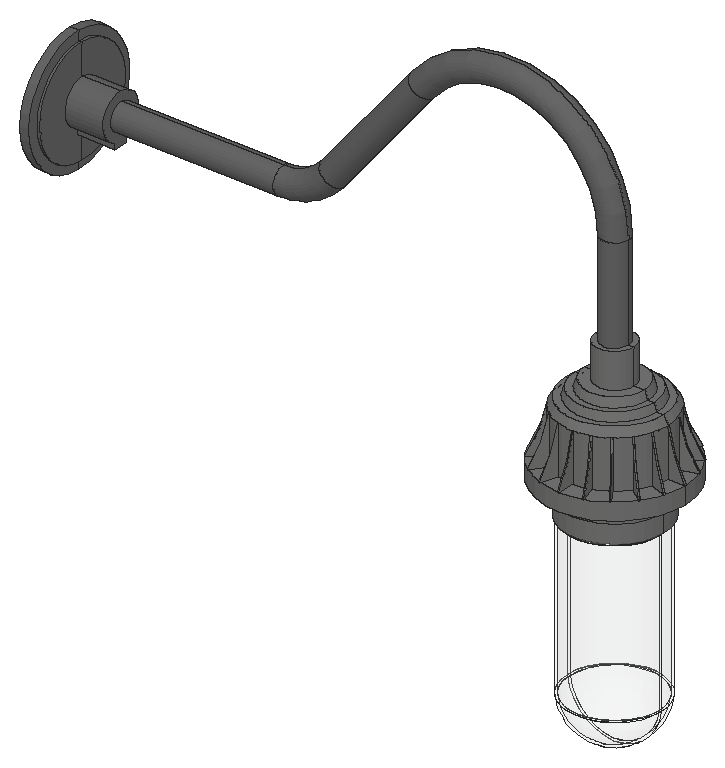
Revit family "Vaportite Pendant (VTP)LED", category Lighting Fixtures, Revit 2020
Family settings
  Round Connector Dimension = Use Diameter
  Part Type = Normal
  OmniClass Number = 23.80.70.00
  OmniClass Title = Lighting
  Work Plane-Based = No
  Always vertical = Yes
  Cut with Voids When Loaded = No
  Light Source = Yes
  Shared = No
  Room Calculation Point = No
Parameters (values of type "VTP200GL")
  b = 0' - 2"
  a = 1' - 0"
  Weight = "5.0 lb"
  Wattage Comments = "12 W"
  Wattage = 5.04908 W
  Warranty = "5 year limited warranty"  # constant formula
  built-in parameter 1150110 = 1 (stored number, unit not read)
  Voltage = 120 V
  VTP200GL = yes
  URL = "https://www.anplighting.com/assets/Uploads/product-attachments/specification-sheets/ANP-Specification-Sheet-RLM-LED-VTP200GL.pdf"
  built-in parameter 1114217 = 1 (stored number, unit not read)
  Tilt Angle = 90.00°
  built-in parameter 1150109 = 1 (stored number, unit not read)
  built-in parameter 1150134 = 12
  built-in parameter 1150113 = 1 (stored number, unit not read)
  Photometric Web File = "VTP200GLCL-M021LDNW40K.IES"
  Mounting Option [instance] = 3
  Power Factor = 1
  Post Mount [instance] = Mounting Option = 5  # no
  Placement X axis side [instance] = if(Post Mount, 2' 2 15/32", if(Cord or Stem Mount, 0' 0", if(E36 20 inch, 1' 8 1/4", if(E 6 26 inch, 2' 2", if(E7 41 inch, 3' 5 1/4", 0' 1")))))  # 1' - 8 1/4"
  Model = "VTP200GL"
  Manufacturer = "ANP Lighting"  # constant formula
  built-in parameter 1150105 = 59.666 (stored number, unit not read)
  Lumens = 750 lm
  built-in parameter 1150115 = 1 (stored number, unit not read)
  Load Classification = Lighting
  Light Source Height [instance] = 0' - 0"
  built-in parameter 1150137 = (empty or 0)
  built-in parameter 1150139 = (empty or 0)
  Light Elevation _2 [instance] = if(Post Mount, 0' 0.66142", if(E7 41 inch, 0' 0.66142", if(E36 20 inch, 0' 1.65748", if(E 6 26 inch, 0' 1.53543", if(Cord or Stem Mount, (0' 4.3622" + Cord Length), 0' 0")))))  # 0' - 1.65748"
  Light Elevation _1 [instance] = if(Post Mount, 0' 0", if(E7 41 inch, 0' 0", if(E36 20 inch, 0' 1", if(E 6 26 inch, 0' 0.87402", if(Cord or Stem Mount, (0' 3.66142" + Cord Length), 0' 0")))))  # 0' - 1"
  Light Elevation [instance] = if(Post Mount, 14' 0.5315", if(E7 41 inch, 0' 0", 0' 0"))  # 0' - 0"
  Life = "L70 50,000 hours"  # constant formula
  built-in parameter 1150112 = 1 (stored number, unit not read)
  built-in parameter 1150114 = 1 (stored number, unit not read)
  Lamp = "LED"
  built-in parameter 1150132 = 2
  built-in parameter 1150102 = (empty or 0)
  built-in parameter 1150107 = 4000 (stored number, unit not read)
  built-in parameter 1150138 = (empty or 0)
  built-in parameter 1150106 = 0.59666 (stored number, unit not read)
  HUB = Texture Black
  Fixture Height = 1' - 1 3/8"
  Fixture Diameter = 0' - 5 1/4"
  Efficiency = "65-125 lumens per watt"  # constant formula
  built-in parameter 1150104 = 13.8 (stored number, unit not read)
  E7 41 inch [instance] = Mounting Option = 4  # no
  E36 20 inch [instance] = Mounting Option = 3  # yes
  E 6 26 inch [instance] = Mounting Option = 2  # no
  Dimming Lamp Color Temperature Shift = <None>
  Dimming = "1%"  # constant formula
  Description = "120-277 Voltage"  # constant formula
  Default Elevation = 0' - 0"
  Cord or Stem Mount [instance] = Mounting Option = 1  # no
  Cord Length option [instance] = 0
  Cord Length [instance] = if([2' Cord], 2' 0", if([4' Cord], 4' 0", if([8' Cord], 8' 0", if([10' Cord], 10' 0", if([6' Cord], 6' 0", 6' 0")))))  # 6' - 0"
  Construction Material = "Heavy Duty spun aluminum."  # constant formula
  Color Filter = 16777215
  CRI = ">90"  # constant formula
  Bulb = Bulb
  Body Material = body
  Body Colour = "Spun aluminium"  # constant formula
  built-in parameter 1114218 = 1 (stored number, unit not read)
  BULB = yes
  built-in parameter 1150133 = 10 (stored number, unit not read)
  Apparent Load = 12 VA
  8' Cord [instance] = Cord Length option = 8  # no
  6' Cord [instance] = Cord Length option = 6  # no
  4' Cord [instance] = Cord Length option = 4  # no
  2' Cord [instance] = Cord Length option = 2  # no
  10' Cord [instance] = Cord Length option = 10  # no
Reference planes (in)
  plane 1 "Light Source Axis (F/B)": y = 0
  plane 2: z = 0
  plane 3 "Light Source Axis (L/R)": x = 0
  plane 4 "Light Source Elevation": z = 0
  plane 5: z = 0
  plane 6: x = 20.25
  plane 7 "Bulb Position": z = -1.65748
  plane 8 "Canopy Position": z = -1
  plane 9 "IES": z = -1.65748
  plane 10: z = 164.5315
  plane 11: z = -13
  plane 12: z = -11
  plane 13: z = -8.56887
Dimensions and locks (in)
  "Light Elevation": plane 5 to plane 2
  "Placement X axis side": plane 6 to plane 3 "Light Source Axis (L/R)"
  "Light Elevation _2": plane 5 to plane 7 "Bulb Position"
  "Light Elevation _1": plane 5 to plane 8 "Canopy Position"
  "Light Source Height": plane 7 "Bulb Position" to plane 9 "IES"
  locked: plane 4 "Light Source Elevation" to plane 2
  "a": plane 8 "Canopy Position" to plane 11
  "b": plane 12 to plane 11
  locked: plane 13 to plane 12 at 2.43113
  aligned and locked: level to plane 2
  aligned and locked: plane 1 "Light Source Axis (F/B)" to nested 5
  aligned and locked: nested 5 to plane 2
  aligned and locked: nested 1 to plane 3 "Light Source Axis (L/R)"
  aligned and locked: plane 3 "Light Source Axis (L/R)" to nested 2
  aligned and locked: plane 3 "Light Source Axis (L/R)" to nested 4
  aligned and locked: nested 3 to plane 5
  aligned and locked: plane 3 "Light Source Axis (L/R)" to nested 3
  aligned and locked: plane 1 "Light Source Axis (F/B)" to nested 2
  aligned and locked: plane 1 "Light Source Axis (F/B)" to nested 1
  aligned and locked: plane 1 "Light Source Axis (F/B)" to nested 4
  aligned and locked: plane 1 "Light Source Axis (F/B)" to nested 3
  aligned and locked: plane 2 to nested 1
  aligned and locked: plane 2 to nested 2
  aligned and locked: nested 4 to plane 2
  aligned and locked: plane 6 to imposter light
  aligned and locked: plane 12 to imposter light
  aligned and locked: imposter light to plane 1 "Light Source Axis (F/B)"
  aligned and locked: plane 1 "Light Source Axis (F/B)" to nested 6
  aligned and locked: plane 6 to nested 6
  aligned and locked: plane 8 "Canopy Position" to nested 6
Nested families (in)
  nested 1: "CORD OR STEM MOUNT" at (0, 0, -75.67), visible <- "Cord or Stem Mount", Cord or Stem Mount <- "Cord or Stem Mount", Body Material <- "Body Material", Light Elevation <- "Light Elevation", Cord Length <- "Cord Length", 10' Cord <- "10' Cord", 2' Cord <- "2' Cord", 4' Cord <- "4' Cord", 6' Cord <- "6' Cord", 8' Cord <- "8' Cord", type "CORD OR STEM MOUNT"
    with Light Elevation 0' - 0", Cord or Stem Mount no, Cord Length 6' - 0", Body Material body, 8' Cord no, 6' Cord no, 4' Cord no, 2' Cord no, 10' Cord no
  nested 2: "E6 26 INCH" at (20.25, 0, 0), visible <- "E 6 26 inch", Chain Length <- "Cord Length", E 6 26 inch <- "E 6 26 inch", Placement X axis side <- "Placement X axis side", Body Material <- "Body Material", Light Elevation <- "Light Elevation", type "E6 26 INCH"
    with Placement X axis side 1' - 8 1/4", Light Elevation 0' - 0", E 6 26 inch no, Chain Length 6' - 0", Body Material body
  nested 3: "E7 41 INCH" at (20.25, 0, 0), Chain Length <- "Cord Length", visible <- "E7 41 inch", E7 41 inch <- "E7 41 inch", Placement X axis side <- "Placement X axis side", Body Material <- "Body Material", Light Elevation <- "Light Elevation", type "E7 41 INCH"
    with Placement X axis side 1' - 8 1/4", Light Elevation 0' - 0", E7 41 inch no, Chain Length 6' - 0", Body Material body
  nested 4: "E36 20 INCH" at (20.25, 0, 0), visible <- "E36 20 inch", E36 20 inch <- "E36 20 inch", Placement X axis side <- "Placement X axis side", Chain Length <- "Cord Length", Body Material <- "Body Material", Light Elevation <- "Light Elevation", type "E36 20 INCH"
    with Placement X axis side 1' - 8 1/4", Light Elevation 0' - 0", E36 20 inch yes, Chain Length 6' - 0", Body Material body
  nested 5: "POST MOUNT" at (20.25, 0, 0), visible <- "Post Mount", Post Mount <- "Post Mount", Placement X axis side <- "Placement X axis side", Chain Length <- "Cord Length", Body Material <- "Body Material", Light Elevation <- "Light Elevation", type "POST MOUNT"
    with Post Mount no, Placement X axis side 1' - 8 1/4", Light Elevation 0' - 0", Chain Length 6' - 0", Body Material body
  nested 6: "VTP200GL _1" at (20.25, 0, -1), VTP200GL <- "VTP200GL", visible <- "VTP200GL", GLASS <- "Bulb", HUB <- "HUB", Light Elevation <- "Light Elevation", type "VTP200GL _1"
    with VTP200GL yes, Light Elevation 0' - 0", HUB Texture Black, GLASS Bulb
Definition of nested family "E36 20 INCH"
  Parameters (values of type "E36 20 INCH")
    URL = ""
    Placement X axis side [instance] = 1' - 8 1/4"
    Model = ""
    Manufacturer = ""
    Light Elevation [instance] = 8' - 4"
    E36 20 inch [instance] = yes
    Default Elevation = 0' - 0"
    Chain Length [instance] = 0' - 0"
    Body Material [instance] = none
  Reference planes (in)
    plane 1 "Light Source Axis (F/B)": y = 0
    plane 2: z = 0
    plane 3 "Light Source Axis (L/R)": x = 0
    plane 4 "Light Source Elevation": z = 23.125
    plane 5: z = 99
    plane 6: x = -20.25
    plane 7: z = 100
    plane 8: x = -18.37008
    plane 9: x = -19.79724
  Forms (in)
    Extrusion 1, void, not visible
      sketch origin (0, 0, 2.38154) x (1, 0, 0) y (0, 0, 1)
        loop
          circle (0, 4.59925) r 0.16583
      from 1.18594 to 1.75
    Extrusion 2, void, not visible
      sketch origin (0, 0, 2.38154) x (0.707107, -0.707107, 0) y (0, 0, 1)
        loop
          circle (0, 4.59925) r 0.16583
      from 1.18594 to 1.75
    Extrusion 3, void, not visible
      sketch origin (0, 0, 2.38154) x (0.707107, 0.707107, 0) y (0, 0, 1)
        loop
          circle (0, 4.59925) r 0.16583
      from 1.18594 to 1.75
    Extrusion 4, void, not visible
      sketch origin (0, 0, 2.38154) x (0, 1, 0) y (0, 0, 1)
        loop
          circle (0, 4.59925) r 0.16583
      from 1.18594 to 1.75
    Extrusion 5, void, not visible
      sketch origin (0, 0, 2.38154) x (-0.707107, 0.707107, 0) y (0, 0, 1)
        loop
          circle (0, 4.59925) r 0.16583
      from 1.18594 to 1.75
    Extrusion 6, void, not visible
      sketch origin (0, 0, 2.38154) x (-1, 0, 0) y (0, 0, 1)
        loop
          circle (0, 4.59925) r 0.20678
      from 1.18594 to 1.75
    Extrusion 7, void, not visible
      sketch origin (0, 0, 2.38154) x (-0.707107, -0.707107, 0) y (0, 0, 1)
        loop
          circle (0, 4.59925) r 0.16583
      from 1.18594 to 1.75
    Extrusion 8, void, not visible
      sketch origin (0, 0, 2.38154) x (0, -1, 0) y (0, 0, 1)
        loop
          circle (0, 4.59925) r 0.16583
      from 1.18594 to 1.75
    Sweep 9, solid, material <- "Body Material", visible <- "E36 20 inch"
      path origin (-41.25, 0, 169.51693) x (1, 0, 0) y (0, 0, 1)
        loop
          line (22.88, -69.51693) -> (28.93827, -69.51693)
          arc (28.93827, -69.51693) -> (29.97705, -69.28152) -> (30.81284, -68.62128) r 2.40953
          line (30.81284, -68.62128) -> (34.13807, -64.50378)
          arc (34.13807, -64.50378) -> (38.58272, -63.24548) -> (41.25, -67.01693) r 4
          line (41.25, -67.01693) -> (41.25, -70.51693)
      profile origin (-15.34086, 0, 100) x (0, 0, 1) y (0, -1, 0)
        loop
          circle (0, 0) r 0.5
    Revolve 10, solid, material <- "Body Material", visible <- "E36 20 inch"
      sketch origin (-20.25, 0, 169.51693) x (1, 0, 0) y (0, 0, 1)
        loop
          line (0, -67.20443) -> (0, -69.51693) -> (1.88, -69.51693) -> (1.88, -68.69272) -> (0.4526, -68.69272) -> (0.4526, -67.54122) -> (0.33125, -67.54122) -> (0.33125, -67.20443) -> (0, -67.20443)
        axis (0, -69.51693) -> (1.88, -69.51693)
      angle from 0 to 360
    Extrusion 11, solid, material <- "Body Material", visible <- "E36 20 inch"
      sketch origin (-20.25, 0, 169.51693) x (0, -1, 0) y (0, 0, -1)
        loop
          line (0.25, 69.51693) -> (0.25, 70.51693) -> (-0.25, 70.51693) -> (-0.25, 69.51693) -> (0.25, 69.51693)
      from 1.87992 to 0.45276
  Cuts and joins
    joined: Revolve 10, Extrusion 11
  Dimensions and locks (in)
    "Light Elevation": plane 7 to plane 2
    "Placement X axis side": plane 3 "Light Source Axis (L/R)" to plane 6
    locked: plane 7 to plane 5 at 1
    Revolve 10 sketch curve to Revolve 10 sketch curve to Revolve 10 sketch curve to plane 7 = 0' - 0.33679" locked, 0' - 1.1515" locked, 0' - 0 211/256" locked
    locked: Sweep 9 sketch curve to plane 6 at 1.88
    locked: Sweep 9 sketch curve to Sweep 9 sketch curve at 6.05827
    locked: Sweep 9 sketch curve to Sweep 9 sketch curve at 12.31173
    locked: Sweep 9 sketch curve to Sweep 9 sketch curve at 3.5
    Revolve 10 sketch curve to Revolve 10 sketch curve to Revolve 10 sketch curve to plane 6 = 0' - 1.4274" locked, 0' - 0.12135" locked, 0' - 0.33125" locked
    locked: plane 9 to plane 6 at 0.45276
    locked: plane 8 to plane 9 at 1.42717
    aligned and locked: level to plane 2
    aligned and locked: plane 7 to Revolve 10 sketch curve
    aligned and locked: Revolve 10 sketch curve to plane 7
    aligned and locked: Revolve 10 sketch curve to plane 6
    aligned and locked: cut or joined group of Revolve 10, Extrusion 11 to plane 9
    aligned and locked: plane 8 to cut or joined group of Revolve 10, Extrusion 11
  Automatic sketch dimensions
    Sweep 9 sketch curve to plane 7 = 0' - 0"
    Sweep 9 sketch curve to plane 5 = 0' - 0"
    Sweep 9 sketch curve to Sweep 9 sketch curve = 0' - 4"
    Sweep 9 sketch curve to plane 7 = 0' - 0.89565"
    Sweep 9 sketch curve to Sweep 9 sketch curve = 0' - 3.32523"
    Sweep 9 sketch curve to Sweep 9 sketch curve = 0' - 1.87457"
    profile plane to Sweep 9 sketch curve = 0' - 0"
    Sweep 9 sketch curve to profile plane = 0' - 0"
    plane 6 to Revolve 10 sketch curve = 0' - 0.62562"
    Revolve 10 sketch curve to Revolve 10 sketch curve = 0' - 0 1/2"
    plane 7 to Extrusion 11 sketch curve = 0' - 0"
    Extrusion 11 sketch curve to plane 5 = 0' - 0"
    plane 1 "Light Source Axis (F/B)" to Extrusion 11 sketch curve = 0' - 0 1/4"
    Extrusion 11 sketch curve to plane 1 "Light Source Axis (F/B)" = 0' - 0 1/4"
    radius of Sweep 9 sketch curve = 0' - 0 1/2"
Definition of nested family "VTP200GL _1"
  Parameters (values of type "VTP200GL _1")
    VTP200GL [instance] = yes
    Light Elevation [instance] = 2' - 0"
    HUB [instance] = none
    GLASS [instance] = none
    Default Elevation = 0' - 0"
  Reference planes (in)
    plane 1 "Center (Front/Back)": y = 0
    plane 2: z = 0
    plane 3 "Center (Left/Right)": x = 0
    plane 4: z = 24
  Dimensions and locks (in)
    "Light Elevation": plane 4 to plane 2
    aligned and locked: plane 2 to level
    aligned and locked: plane 3 "Center (Left/Right)" to nested 1
    aligned and locked: plane 1 "Center (Front/Back)" to nested 1
    aligned and locked: plane 4 to nested 1
  Nested families (in)
    nested 1: "VTP100GL" at (0, 0, 10.625), GLASS <- "GLASS", HUB <- "HUB", VTP200GL <- "VTP200GL", visible <- "VTP200GL", type "VTP100GL"
  Definition of nested family "VTP100GL"
    Parameters (values of type "VTP100GL")
      VTP200GL [instance] = yes
      HUB [instance] = none
      GLASS [instance] = none
      Default Elevation = 0' - 0"
    Reference planes (in)
      plane 1 "Center (Front/Back)": y = 0
      plane 2: z = 0
      plane 3 "Center (Left/Right)": x = 0
      plane 4: y = 106.42871
      plane 5: x = 2.625
      plane 6: z = 13.375
      plane 7: x = -2.625
    Forms (in)
      Revolve 1, solid, material <- "HUB", visible <- "VTP200GL"
        sketch origin (0, 0, 0) x (1, 0, 0) y (0, 0, 1)
          loop
            line (-1.5625, 7.58587) -> (-1.5625, 7.67962) -> (-1.72405, 7.67962) -> (-1.72405, 8.42962) -> (-1.8406, 8.42962) -> (-1.8406, 8.76522) -> (-1.95259, 8.76522) -> (-1.95259, 8.90521) -> (-2.53125, 8.90521) -> (-2.53125, 9.35244) -> (-1.87856, 9.35244) -> (-1.87856, 11.22223) -> (-1.76216, 11.42384) -> (-1.50064, 11.42384) -> (-1.39829, 11.70505) -> (-1.14829, 11.70505) -> (-1.03987, 12.00293) -> (-0.6121, 12.00293) -> (-0.6121, 13.28509) -> (-0.05486, 13.28509) -> (-0.05486, 13.375) -> (-0.70585, 13.375) -> (-0.70585, 12.09668) -> (-1.10551, 12.09668) -> (-1.21393, 11.7988) -> (-1.46393, 11.7988) -> (-1.56628, 11.51759) -> (-1.81628, 11.51759) -> (-1.98681, 11.22223) -> (-1.98681, 9.44841) -> (-2.625, 9.44841) -> (-2.625, 8.81146) -> (-2.04634, 8.81146) -> (-2.04634, 8.67147) -> (-1.93435, 8.67147) -> (-1.93435, 8.33587) -> (-1.8178, 8.33587) -> (-1.8178, 7.58587) -> (-1.5625, 7.58587)
          axis (0, 13.375) -> (0, 7.58587)
        angle from 0 to 360
      Extrusion 2, solid, material <- "HUB", visible <- "VTP200GL"
        sketch origin (0, 0.01635, 0) x (1, 0, 0) y (0, 0, 1)
          loop
            arc (-1.98681, 11.22223) -> (-2.22308, 10.30552) -> (-2.625, 9.44841) r 5.09065
            line (-2.625, 9.44841) -> (-1.98681, 9.44841) -> (-1.98681, 11.22223)
        from 0 to 0.03269
      Extrusion 3, solid, material <- "HUB", visible <- "VTP200GL"
        sketch origin (0.00505, 0.01555, 0) x (0.951057, -0.309017, 0) y (0, 0, 1)
          loop
            arc (-1.98681, 11.22223) -> (-2.22308, 10.30552) -> (-2.625, 9.44841) r 5.09065
            line (-2.625, 9.44841) -> (-1.98681, 9.44841) -> (-1.98681, 11.22223)
        from 0 to 0.03269
      Extrusion 4, solid, material <- "HUB", visible <- "VTP200GL"
        sketch origin (-0.00505, 0.01555, 0) x (0.951057, 0.309017, 0) y (0, 0, 1)
          loop
            arc (-1.98681, 11.22223) -> (-2.22308, 10.30552) -> (-2.625, 9.44841) r 5.09065
            line (-2.625, 9.44841) -> (-1.98681, 9.44841) -> (-1.98681, 11.22223)
        from 0 to 0.03269
      Extrusion 5, solid, material <- "HUB", visible <- "VTP200GL"
        sketch origin (-0.00961, 0.01322, 0) x (0.809017, 0.587785, 0) y (0, 0, 1)
          loop
            arc (-1.98681, 11.22223) -> (-2.22308, 10.30552) -> (-2.625, 9.44841) r 5.09065
            line (-2.625, 9.44841) -> (-1.98681, 9.44841) -> (-1.98681, 11.22223)
        from 0 to 0.03269
      Extrusion 6, solid, material <- "HUB", visible <- "VTP200GL"
        sketch origin (-0.01322, 0.00961, 0) x (0.587785, 0.809017, 0) y (0, 0, 1)
          loop
            arc (-1.98681, 11.22223) -> (-2.22308, 10.30552) -> (-2.625, 9.44841) r 5.09065
            line (-2.625, 9.44841) -> (-1.98681, 9.44841) -> (-1.98681, 11.22223)
        from 0 to 0.03269
      Extrusion 7, solid, material <- "HUB", visible <- "VTP200GL"
        sketch origin (-0.01555, 0.00505, 0) x (0.309017, 0.951057, 0) y (0, 0, 1)
          loop
            arc (-1.98681, 11.22223) -> (-2.22308, 10.30552) -> (-2.625, 9.44841) r 5.09065
            line (-2.625, 9.44841) -> (-1.98681, 9.44841) -> (-1.98681, 11.22223)
        from 0 to 0.03269
      Extrusion 8, solid, material <- "HUB", visible <- "VTP200GL"
        sketch origin (-0.01635, 0, 0) x (0, 1, 0) y (0, 0, 1)
          loop
            arc (-1.98681, 11.22223) -> (-2.22308, 10.30552) -> (-2.625, 9.44841) r 5.09065
            line (-2.625, 9.44841) -> (-1.98681, 9.44841) -> (-1.98681, 11.22223)
        from 0 to 0.03269
      Extrusion 9, solid, material <- "HUB", visible <- "VTP200GL"
        sketch origin (-0.01555, -0.00505, 0) x (-0.309017, 0.951057, 0) y (0, 0, 1)
          loop
            arc (-1.98681, 11.22223) -> (-2.22308, 10.30552) -> (-2.625, 9.44841) r 5.09065
            line (-2.625, 9.44841) -> (-1.98681, 9.44841) -> (-1.98681, 11.22223)
        from 0 to 0.03269
      Extrusion 10, solid, material <- "HUB", visible <- "VTP200GL"
        sketch origin (-0.01322, -0.00961, 0) x (-0.587785, 0.809017, 0) y (0, 0, 1)
          loop
            arc (-1.98681, 11.22223) -> (-2.22308, 10.30552) -> (-2.625, 9.44841) r 5.09065
            line (-2.625, 9.44841) -> (-1.98681, 9.44841) -> (-1.98681, 11.22223)
        from 0 to 0.03269
      Extrusion 11, solid, material <- "HUB", visible <- "VTP200GL"
        sketch origin (-0.00961, -0.01322, 0) x (-0.809017, 0.587785, 0) y (0, 0, 1)
          loop
            arc (-1.98681, 11.22223) -> (-2.22308, 10.30552) -> (-2.625, 9.44841) r 5.09065
            line (-2.625, 9.44841) -> (-1.98681, 9.44841) -> (-1.98681, 11.22223)
        from 0 to 0.03269
      Extrusion 12, solid, material <- "HUB", visible <- "VTP200GL"
        sketch origin (-0.00505, -0.01555, 0) x (-0.951057, 0.309017, 0) y (0, 0, 1)
          loop
            arc (-1.98681, 11.22223) -> (-2.22308, 10.30552) -> (-2.625, 9.44841) r 5.09065
            line (-2.625, 9.44841) -> (-1.98681, 9.44841) -> (-1.98681, 11.22223)
        from 0 to 0.03269
      Extrusion 13, solid, material <- "HUB", visible <- "VTP200GL"
        sketch origin (0, -0.01635, 0) x (-1, 0, 0) y (0, 0, 1)
          loop
            arc (-1.98681, 11.22223) -> (-2.22308, 10.30552) -> (-2.625, 9.44841) r 5.09065
            line (-2.625, 9.44841) -> (-1.98681, 9.44841) -> (-1.98681, 11.22223)
        from 0 to 0.03269
      Extrusion 14, solid, material <- "HUB", visible <- "VTP200GL"
        sketch origin (0.00505, -0.01555, 0) x (-0.951057, -0.309017, 0) y (0, 0, 1)
          loop
            arc (-1.98681, 11.22223) -> (-2.22308, 10.30552) -> (-2.625, 9.44841) r 5.09065
            line (-2.625, 9.44841) -> (-1.98681, 9.44841) -> (-1.98681, 11.22223)
        from 0 to 0.03269
      Extrusion 15, solid, material <- "HUB", visible <- "VTP200GL"
        sketch origin (0.00961, -0.01322, 0) x (-0.809017, -0.587785, 0) y (0, 0, 1)
          loop
            arc (-1.98681, 11.22223) -> (-2.22308, 10.30552) -> (-2.625, 9.44841) r 5.09065
            line (-2.625, 9.44841) -> (-1.98681, 9.44841) -> (-1.98681, 11.22223)
        from 0 to 0.03269
      Extrusion 16, solid, material <- "HUB", visible <- "VTP200GL"
        sketch origin (0.01322, -0.00961, 0) x (-0.587785, -0.809017, 0) y (0, 0, 1)
          loop
            arc (-1.98681, 11.22223) -> (-2.22308, 10.30552) -> (-2.625, 9.44841) r 5.09065
            line (-2.625, 9.44841) -> (-1.98681, 9.44841) -> (-1.98681, 11.22223)
        from 0 to 0.03269
      Extrusion 17, solid, material <- "HUB", visible <- "VTP200GL"
        sketch origin (0.01555, -0.00505, 0) x (-0.309017, -0.951057, 0) y (0, 0, 1)
          loop
            arc (-1.98681, 11.22223) -> (-2.22308, 10.30552) -> (-2.625, 9.44841) r 5.09065
            line (-2.625, 9.44841) -> (-1.98681, 9.44841) -> (-1.98681, 11.22223)
        from 0 to 0.03269
      Extrusion 18, solid, material <- "HUB", visible <- "VTP200GL"
        sketch origin (0.01635, 0, 0) x (0, -1, 0) y (0, 0, 1)
          loop
            arc (-1.98681, 11.22223) -> (-2.22308, 10.30552) -> (-2.625, 9.44841) r 5.09065
            line (-2.625, 9.44841) -> (-1.98681, 9.44841) -> (-1.98681, 11.22223)
        from 0 to 0.03269
      Extrusion 19, solid, material <- "HUB", visible <- "VTP200GL"
        sketch origin (0.01555, 0.00505, 0) x (0.309017, -0.951057, 0) y (0, 0, 1)
          loop
            arc (-1.98681, 11.22223) -> (-2.22308, 10.30552) -> (-2.625, 9.44841) r 5.09065
            line (-2.625, 9.44841) -> (-1.98681, 9.44841) -> (-1.98681, 11.22223)
        from 0 to 0.03269
      Extrusion 20, solid, material <- "HUB", visible <- "VTP200GL"
        sketch origin (0.01322, 0.00961, 0) x (0.587785, -0.809017, 0) y (0, 0, 1)
          loop
            arc (-1.98681, 11.22223) -> (-2.22308, 10.30552) -> (-2.625, 9.44841) r 5.09065
            line (-2.625, 9.44841) -> (-1.98681, 9.44841) -> (-1.98681, 11.22223)
        from 0 to 0.03269
      Extrusion 21, solid, material <- "HUB", visible <- "VTP200GL"
        sketch origin (0.00961, 0.01322, 0) x (0.809017, -0.587785, 0) y (0, 0, 1)
          loop
            arc (-1.98681, 11.22223) -> (-2.22308, 10.30552) -> (-2.625, 9.44841) r 5.09065
            line (-2.625, 9.44841) -> (-1.98681, 9.44841) -> (-1.98681, 11.22223)
        from 0 to 0.03269
      Revolve 22, solid, material <- "GLASS", visible <- "VTP200GL"
        sketch origin (0, 0, 0) x (1, 0, 0) y (0, 0, 1)
          loop
            line (-1.74976, 7.48706) -> (-1.74976, 1.61206)
            arc (-1.74976, 1.61206) -> (-1.17144, 0.48414) -> (0, 0) r 1.83545
            line (0, 0) -> (0, 0.09383)
            arc (0, 0.09383) -> (-1.10721, 0.55244) -> (-1.65601, 1.61782) r 1.7417
            line (-1.65601, 1.61782) -> (-1.65601, 7.45372) -> (-1.37262, 7.58587) -> (-1.56244, 7.58587)
            arc (-1.56244, 7.58587) -> (-1.66833, 7.55965) -> (-1.74976, 7.48706) r 0.22696
          axis (0, 7.58587) -> (0, 0)
        angle from 0 to 360
    Dimensions and locks (in)
      plane 3 "Center (Left/Right)" to plane 5 = 0' - 2 5/8"
      plane 4 to plane 1 "Center (Front/Back)" = 8' - 10.42871"
      plane 6 to plane 2 = 1' - 1 3/8"
      plane 7 to plane 5 = 0' - 5 1/4"
      equal spacing: plane 7, plane 3 "Center (Left/Right)", plane 5
      aligned and locked: plane 2 to level
    Automatic sketch dimensions
      plane 7 to Revolve 1 sketch curve = 0' - 0"
      Revolve 1 sketch curve to plane 6 = 0' - 0"
      Revolve 1 sketch curve to plane 3 "Center (Left/Right)" = 0' - 0"
      Revolve 1 sketch curve to plane 7 = 0' - 0 3/32"
      Revolve 1 sketch curve to Revolve 1 sketch curve = 0' - 0.48491"
      Revolve 1 sketch curve to Revolve 1 sketch curve = 0' - 0.54444"
      Revolve 1 sketch curve to Revolve 1 sketch curve = 0' - 0 3/32"  (x11)
      Revolve 1 sketch curve to Revolve 1 sketch curve = 0' - 0.01824"
      Revolve 1 sketch curve to Revolve 1 sketch curve = 0' - 0.10825"
      Revolve 1 sketch curve to Revolve 1 sketch curve = 0' - 0.11655"
      Revolve 1 sketch curve to Revolve 1 sketch curve = 0' - 0.06227"
      Revolve 1 sketch curve to Revolve 1 sketch curve = 0' - 0.05413"
      Revolve 1 sketch curve to Revolve 1 sketch curve = 0' - 0.19587"
      Revolve 1 sketch curve to Revolve 1 sketch curve = 0' - 0.16155"
      Revolve 1 sketch curve to Revolve 1 sketch curve = 0' - 0.06564"  (x4)
      Revolve 1 sketch curve to Revolve 1 sketch curve = 0' - 0.10235"
      Revolve 1 sketch curve to Revolve 1 sketch curve = 0' - 0.18436"
      Revolve 1 sketch curve to Revolve 1 sketch curve = 0' - 0.10842"
      Revolve 1 sketch curve to Revolve 1 sketch curve = 0' - 0.33402"
      Revolve 1 sketch curve to plane 3 "Center (Left/Right)" = 0' - 0.05486"
      Revolve 1 sketch curve to plane 6 = 0' - 0.08991"
      Revolve 1 sketch curve to Revolve 1 sketch curve = 0' - 1.18841"
      Revolve 1 sketch curve to Revolve 1 sketch curve = 0' - 0.29788"
      Revolve 1 sketch curve to Revolve 1 sketch curve = 0' - 0.28121"
      Revolve 1 sketch curve to Revolve 1 sketch curve = 0' - 0.20161"
      Revolve 1 sketch curve to Revolve 1 sketch curve = 0' - 0"
      Revolve 1 sketch curve to Revolve 1 sketch curve = 0' - 1.77381"
      Revolve 1 sketch curve to Revolve 1 sketch curve = 0' - 0.09597"
      Revolve 1 sketch curve to Revolve 1 sketch curve = 0' - 0.44723"
      Revolve 1 sketch curve to Revolve 1 sketch curve = 0' - 0.04624"
      Revolve 1 sketch curve to Revolve 1 sketch curve = 0' - 0.24185"
      Revolve 1 sketch curve to Revolve 1 sketch curve = 0' - 0 21/32"
      Revolve 1 sketch curve to Revolve 1 sketch curve = 0' - 0.06472"
      Revolve 1 sketch curve to Revolve 1 sketch curve = 0' - 0.47328"
      Extrusion 2 sketch curve to Extrusion 2 sketch curve = 0' - 0.63819"
      Extrusion 2 sketch curve to Extrusion 2 sketch curve = 0' - 4.38814"
      Extrusion 2 sketch curve to Extrusion 2 sketch curve = 0' - 1.77381"
      Extrusion 3 sketch curve to Extrusion 3 sketch curve = 0' - 0.63819"
      Extrusion 3 sketch curve to Extrusion 3 sketch curve = 0' - 4.38814"
      Extrusion 3 sketch curve to Extrusion 3 sketch curve = 0' - 1.77381"
      Extrusion 4 sketch curve to Extrusion 4 sketch curve = 0' - 0.63819"
      Extrusion 4 sketch curve to Extrusion 4 sketch curve = 0' - 4.38814"
      Extrusion 4 sketch curve to Extrusion 4 sketch curve = 0' - 1.77381"
      Extrusion 5 sketch curve to Extrusion 5 sketch curve = 0' - 0.63819"
      Extrusion 5 sketch curve to Extrusion 5 sketch curve = 0' - 4.38814"
      Extrusion 5 sketch curve to Extrusion 5 sketch curve = 0' - 1.77381"
      Extrusion 6 sketch curve to Extrusion 6 sketch curve = 0' - 0.63819"
      Extrusion 6 sketch curve to Extrusion 6 sketch curve = 0' - 4.38814"
      Extrusion 6 sketch curve to Extrusion 6 sketch curve = 0' - 1.77381"
      Extrusion 7 sketch curve to Extrusion 7 sketch curve = 0' - 0.63819"
      Extrusion 7 sketch curve to Extrusion 7 sketch curve = 0' - 4.38814"
      Extrusion 7 sketch curve to Extrusion 7 sketch curve = 0' - 1.77381"
      Extrusion 8 sketch curve to Extrusion 8 sketch curve = 0' - 0.63819"
      Extrusion 8 sketch curve to Extrusion 8 sketch curve = 0' - 4.38814"
      Extrusion 8 sketch curve to Extrusion 8 sketch curve = 0' - 1.77381"
      Extrusion 9 sketch curve to Extrusion 9 sketch curve = 0' - 0.63819"
      Extrusion 9 sketch curve to Extrusion 9 sketch curve = 0' - 4.38814"
      Extrusion 9 sketch curve to Extrusion 9 sketch curve = 0' - 1.77381"
      Extrusion 10 sketch curve to Extrusion 10 sketch curve = 0' - 0.63819"
      Extrusion 10 sketch curve to Extrusion 10 sketch curve = 0' - 4.38814"
      Extrusion 10 sketch curve to Extrusion 10 sketch curve = 0' - 1.77381"
      Extrusion 11 sketch curve to Extrusion 11 sketch curve = 0' - 0.63819"
      Extrusion 11 sketch curve to Extrusion 11 sketch curve = 0' - 4.38814"
      Extrusion 11 sketch curve to Extrusion 11 sketch curve = 0' - 1.77381"
      Extrusion 12 sketch curve to Extrusion 12 sketch curve = 0' - 0.63819"
      Extrusion 12 sketch curve to Extrusion 12 sketch curve = 0' - 4.38814"
      Extrusion 12 sketch curve to Extrusion 12 sketch curve = 0' - 1.77381"
      Extrusion 13 sketch curve to Extrusion 13 sketch curve = 0' - 0.63819"
      Extrusion 13 sketch curve to Extrusion 13 sketch curve = 0' - 4.38814"
      Extrusion 13 sketch curve to Extrusion 13 sketch curve = 0' - 1.77381"
      Extrusion 14 sketch curve to Extrusion 14 sketch curve = 0' - 0.63819"
      Extrusion 14 sketch curve to Extrusion 14 sketch curve = 0' - 4.38814"
      Extrusion 14 sketch curve to Extrusion 14 sketch curve = 0' - 1.77381"
      Extrusion 15 sketch curve to Extrusion 15 sketch curve = 0' - 0.63819"
      Extrusion 15 sketch curve to Extrusion 15 sketch curve = 0' - 4.38814"
      Extrusion 15 sketch curve to Extrusion 15 sketch curve = 0' - 1.77381"
      Extrusion 16 sketch curve to Extrusion 16 sketch curve = 0' - 0.63819"
      Extrusion 16 sketch curve to Extrusion 16 sketch curve = 0' - 4.38814"
      Extrusion 16 sketch curve to Extrusion 16 sketch curve = 0' - 1.77381"
      Extrusion 17 sketch curve to Extrusion 17 sketch curve = 0' - 0.63819"
      Extrusion 17 sketch curve to Extrusion 17 sketch curve = 0' - 4.38814"
      Extrusion 17 sketch curve to Extrusion 17 sketch curve = 0' - 1.77381"
      Extrusion 18 sketch curve to Extrusion 18 sketch curve = 0' - 0.63819"
      Extrusion 18 sketch curve to Extrusion 18 sketch curve = 0' - 4.38814"
      Extrusion 18 sketch curve to Extrusion 18 sketch curve = 0' - 1.77381"
      Extrusion 19 sketch curve to Extrusion 19 sketch curve = 0' - 0.63819"
      Extrusion 19 sketch curve to Extrusion 19 sketch curve = 0' - 4.38814"
      Extrusion 19 sketch curve to Extrusion 19 sketch curve = 0' - 1.77381"
      Extrusion 20 sketch curve to Extrusion 20 sketch curve = 0' - 0.63819"
      Extrusion 20 sketch curve to Extrusion 20 sketch curve = 0' - 4.38814"
      Extrusion 20 sketch curve to Extrusion 20 sketch curve = 0' - 1.77381"
      Extrusion 21 sketch curve to Extrusion 21 sketch curve = 0' - 0.63819"
      Extrusion 21 sketch curve to Extrusion 21 sketch curve = 0' - 4.38814"
      Extrusion 21 sketch curve to Extrusion 21 sketch curve = 0' - 1.77381"
      plane 7 to Extrusion 2 sketch curve = 0' - 0"
      Extrusion 2 sketch curve to plane 6 = 0' - 3.92659"
      Extrusion 3 sketch curve to plane 6 = 0' - 1.34609"
      Extrusion 4 sketch curve to plane 6 = 0' - 1.34609"
      Extrusion 5 sketch curve to plane 6 = 0' - 1.34609"
      Extrusion 6 sketch curve to plane 6 = 0' - 1.34609"
      Extrusion 7 sketch curve to plane 6 = 0' - 1.34609"
      Extrusion 8 sketch curve to plane 6 = 0' - 1.34609"
      plane 1 "Center (Front/Back)" to Extrusion 8 sketch curve = 0' - 7.01314"
      Extrusion 9 sketch curve to plane 6 = 0' - 1.34609"
      Extrusion 10 sketch curve to plane 6 = 0' - 1.34609"
      Extrusion 11 sketch curve to plane 6 = 0' - 1.34609"
      Extrusion 12 sketch curve to plane 6 = 0' - 1.34609"
      Extrusion 13 sketch curve to plane 5 = 0' - 0"
      Extrusion 13 sketch curve to plane 6 = 0' - 3.92659"
      Extrusion 14 sketch curve to plane 6 = 0' - 1.34609"
      Extrusion 15 sketch curve to plane 6 = 0' - 1.34609"
      Extrusion 16 sketch curve to plane 6 = 0' - 1.34609"
      Extrusion 17 sketch curve to plane 6 = 0' - 1.34609"
      Extrusion 18 sketch curve to plane 6 = 0' - 1.34609"
      Extrusion 18 sketch curve to plane 1 "Center (Front/Back)" = 0' - 7.01314"
      Extrusion 19 sketch curve to plane 6 = 0' - 1.34609"
      Extrusion 20 sketch curve to plane 6 = 0' - 1.34609"
      Extrusion 21 sketch curve to plane 6 = 0' - 1.34609"
      Revolve 22 sketch curve to Revolve 22 sketch curve = 0' - 0"  (x2)
      Revolve 22 sketch curve to plane 3 "Center (Left/Right)" = 0' - 0"
      Revolve 22 sketch curve to plane 7 = 0' - 1.25238"
      Revolve 22 sketch curve to Revolve 22 sketch curve = 0' - 0.18982"
      Revolve 22 sketch curve to Revolve 22 sketch curve = 0' - 0.09357"
      Revolve 22 sketch curve to Revolve 22 sketch curve = 0' - 0 3/32"
      plane 3 "Center (Left/Right)" to Revolve 22 sketch curve = 0' - 0"
      plane 3 "Center (Left/Right)" to Revolve 22 sketch curve = 0' - 0.07222"
      Revolve 22 sketch curve to level = 0' - 0"
      level to Revolve 22 sketch curve = 0' - 0.09383"
      level to Revolve 22 sketch curve = 0' - 1.61206"
      Revolve 22 sketch curve to Revolve 22 sketch curve = 0' - 5.74109"
      Revolve 22 sketch curve to Revolve 22 sketch curve = 0' - 0.09481"
      Revolve 22 sketch curve to Revolve 22 sketch curve = 0' - 0.03334"
      Revolve 22 sketch curve to Revolve 22 sketch curve = 0' - 2.6293"
      Revolve 22 sketch curve to Revolve 22 sketch curve = 0' - 0.53592"
Definition of nested family "CORD OR STEM MOUNT"
  Parameters (values of type "CORD OR STEM MOUNT")
    URL = ""
    Model = ""
    Manufacturer = ""
    Light Elevation [instance] = 1' - 7.69"
    Default Elevation = 0' - 0"
    Cord or Stem Mount [instance] = yes
    Cord Length [instance] = 6' - 0"
    Body Material [instance] = none
    8' Cord [instance] = no
    6' Cord [instance] = no
    4' Cord [instance] = no
    2' Cord [instance] = no
    10' Cord [instance] = no
  Reference planes (in)
    plane 1 "Light Source Axis (F/B)": y = 0
    plane 2: z = 0
    plane 3 "Light Source Axis (L/R)": x = 0
    plane 4 "Light Source Elevation": z = 23.125
    plane 5: z = 91.69
    plane 6: z = 19.69
  Forms (in)
    Extrusion 1, void, not visible
      sketch origin (0, 0, 2.38154) x (1, 0, 0) y (0, 0, 1)
        loop
          circle (0, 4.59925) r 0.16583
      from 1.18594 to 1.75
    Extrusion 2, void, not visible
      sketch origin (0, 0, 2.38154) x (0.707107, -0.707107, 0) y (0, 0, 1)
        loop
          circle (0, 4.59925) r 0.16583
      from 1.18594 to 1.75
    Extrusion 3, void, not visible
      sketch origin (0, 0, 2.38154) x (0.707107, 0.707107, 0) y (0, 0, 1)
        loop
          circle (0, 4.59925) r 0.16583
      from 1.18594 to 1.75
    Extrusion 4, void, not visible
      sketch origin (0, 0, 2.38154) x (0, 1, 0) y (0, 0, 1)
        loop
          circle (0, 4.59925) r 0.16583
      from 1.18594 to 1.75
    Extrusion 5, void, not visible
      sketch origin (0, 0, 2.38154) x (-0.707107, 0.707107, 0) y (0, 0, 1)
        loop
          circle (0, 4.59925) r 0.16583
      from 1.18594 to 1.75
    Extrusion 6, void, not visible
      sketch origin (0, 0, 2.38154) x (-1, 0, 0) y (0, 0, 1)
        loop
          circle (0, 4.59925) r 0.20678
      from 1.18594 to 1.75
    Extrusion 7, void, not visible
      sketch origin (0, 0, 2.38154) x (-0.707107, -0.707107, 0) y (0, 0, 1)
        loop
          circle (0, 4.59925) r 0.16583
      from 1.18594 to 1.75
    Extrusion 8, void, not visible
      sketch origin (0, 0, 2.38154) x (0, -1, 0) y (0, 0, 1)
        loop
          circle (0, 4.59925) r 0.16583
      from 1.18594 to 1.75
    Revolve 9, solid, material <- "Body Material", visible <- "Cord or Stem Mount"
      sketch origin (0, 0, 174.56698) x (1, 0, 0) y (0, 0, 1)
        loop
          line (2.6875, -79.20698) -> (0, -79.20698) -> (0, -82.87698) -> (0.125, -82.87698) -> (0.125, -82.83698) -> (0.75, -82.83698)
          arc (0.75, -82.83698) -> (0.81694, -82.77004) -> (0.75, -82.7031) r 0.06694
          line (0.75, -82.7031) -> (0.89763, -82.7031) -> (1.00223, -82.5985) -> (1.06587, -82.5985)
          arc (1.06587, -82.5985) -> (1.80099, -82.29401) -> (2.10549, -81.55888) r 1.03962
          line (2.10549, -81.55888) -> (2.10549, -81.03899)
          arc (2.10549, -81.03899) -> (2.12951, -80.981) -> (2.1875, -80.95698) r 0.08201
          line (2.1875, -80.95698) -> (2.1875, -80.70698) -> (2.6875, -80.70698) -> (2.6875, -79.20698)
        axis (0, -79.20698) -> (0, -82.87698)
      angle from 0 to 360
    Revolve 10, solid, material <- "Body Material", visible <- "Cord or Stem Mount"
      sketch origin (0, 0, 0) x (1, 0, 0) y (0, 0, 1)
        loop
          line (0, 91.69) -> (-0.125, 91.69) -> (-0.125, 19.69) -> (0, 19.69) -> (0, 91.69)
        axis (0, 19.69) -> (0, 91.69)
      angle from 0 to 360
  Dimensions and locks (in)
    "Light Elevation": plane 6 to plane 2
    "Cord Length": plane 5 to plane 6
    locked: Revolve 10 sketch curve to Revolve 10 sketch curve at 0.125
    aligned and locked: level to plane 2
    aligned and locked: Revolve 10 sketch curve to plane 3 "Light Source Axis (L/R)"
    aligned and locked: Revolve 10 sketch curve to plane 6
    aligned and locked: Revolve 10 sketch curve to plane 5
    aligned and locked: plane 3 "Light Source Axis (L/R)" to Revolve 10 sketch curve
  Automatic sketch dimensions
    Revolve 9 sketch curve to plane 3 "Light Source Axis (L/R)" = 0' - 0"  (x2)
    Revolve 9 sketch curve to plane 5 = 0' - 0"
    plane 3 "Light Source Axis (L/R)" to Revolve 9 sketch curve = 0' - 0 1/8"
    Revolve 9 sketch curve to plane 5 = 0' - 0.17388"
    Revolve 9 sketch curve to Revolve 9 sketch curve = 0' - 0 5/8"
    Revolve 9 sketch curve to Revolve 9 sketch curve = 0' - 0.14763"
    Revolve 9 sketch curve to plane 5 = 0' - 0.27847"
    Revolve 9 sketch curve to Revolve 9 sketch curve = 0' - 0.1046"
    Revolve 9 sketch curve to Revolve 9 sketch curve = 0' - 0.06364"
    Revolve 9 sketch curve to Revolve 9 sketch curve = 0' - 1.03962"
    Revolve 9 sketch curve to Revolve 9 sketch curve = 0' - 0 21/256"
    Revolve 9 sketch curve to Revolve 9 sketch curve = 0' - 0 1/2"  (x2)
    Revolve 9 sketch curve to Revolve 9 sketch curve = 0' - 0.51989"
    Revolve 9 sketch curve to Revolve 9 sketch curve = 0' - 0 1/4"
    Revolve 9 sketch curve to Revolve 9 sketch curve = 0' - 2.3519"
    Revolve 9 sketch curve to Revolve 9 sketch curve = 0' - 1 1/4"
    Revolve 9 sketch curve to Revolve 9 sketch curve = 0' - 0.04"
    Revolve 10 sketch curve to Revolve 10 sketch curve = 0' - 0 1/2"
    Revolve 10 sketch curve to Revolve 10 sketch curve = 0' - 0.42345"
Definition of nested family "E6 26 INCH"
  Parameters (values of type "E6 26 INCH")
    URL = ""
    Placement X axis side [instance] = 2' - 2"
    Model = ""
    Manufacturer = ""
    Light Elevation [instance] = 8' - 4"
    E 6 26 inch [instance] = yes
    Default Elevation = 0' - 0"
    Chain Length [instance] = 0' - 0"
    Body Material [instance] = none
  Reference planes (in)
    plane 1 "Light Source Axis (F/B)": y = 0
    plane 2: z = 0
    plane 3 "Light Source Axis (L/R)": x = 0
    plane 4 "Light Source Elevation": z = 23.125
    plane 5: z = 100
    plane 6: x = -26
    plane 7: z = 99.125
    plane 8: x = -24.12
    plane 9: x = -25.5474
  Forms (in)
    Extrusion 1, void, not visible
      sketch origin (0, 0, 2.38154) x (1, 0, 0) y (0, 0, 1)
        loop
          circle (0, 4.59925) r 0.16583
      from 1.18594 to 1.75
    Extrusion 2, void, not visible
      sketch origin (0, 0, 2.38154) x (0.707107, -0.707107, 0) y (0, 0, 1)
        loop
          circle (0, 4.59925) r 0.16583
      from 1.18594 to 1.75
    Extrusion 3, void, not visible
      sketch origin (0, 0, 2.38154) x (0.707107, 0.707107, 0) y (0, 0, 1)
        loop
          circle (0, 4.59925) r 0.16583
      from 1.18594 to 1.75
    Extrusion 4, void, not visible
      sketch origin (0, 0, 2.38154) x (0, 1, 0) y (0, 0, 1)
        loop
          circle (0, 4.59925) r 0.16583
      from 1.18594 to 1.75
    Extrusion 5, void, not visible
      sketch origin (0, 0, 2.38154) x (-0.707107, 0.707107, 0) y (0, 0, 1)
        loop
          circle (0, 4.59925) r 0.16583
      from 1.18594 to 1.75
    Extrusion 6, void, not visible
      sketch origin (0, 0, 2.38154) x (-1, 0, 0) y (0, 0, 1)
        loop
          circle (0, 4.59925) r 0.20678
      from 1.18594 to 1.75
    Extrusion 7, void, not visible
      sketch origin (0, 0, 2.38154) x (-0.707107, -0.707107, 0) y (0, 0, 1)
        loop
          circle (0, 4.59925) r 0.16583
      from 1.18594 to 1.75
    Extrusion 8, void, not visible
      sketch origin (0, 0, 2.38154) x (0, -1, 0) y (0, 0, 1)
        loop
          circle (0, 4.59925) r 0.16583
      from 1.18594 to 1.75
    Sweep 9, solid, material <- "Body Material", visible <- "E 6 26 inch"
      path origin (-41.25, 0, 168.51693) x (1, 0, 0) y (0, 0, 1)
        loop
          line (17.13, -68.51693) -> (27.68551, -68.51693)
          arc (27.68551, -68.51693) -> (28.47996, -68.34486) -> (29.13202, -67.8595) r 1.92004
          line (29.13202, -67.8595) -> (34.23651, -62.01155)
          arc (34.23651, -62.01155) -> (38.65464, -60.89667) -> (41.25, -64.64193) r 4
          line (41.25, -64.64193) -> (41.25, -69.39193)
      profile origin (-18.84224, 0, 100) x (0, 0, 1) y (0, -1, 0)
        loop
          circle (0, 0) r 0.5
    Revolve 10, solid, material <- "Body Material", visible <- "E 6 26 inch"
      sketch origin (-26, 0, 168.51693) x (1, 0, 0) y (0, 0, 1)
        loop
          line (0, -66.07943) -> (0, -68.51693) -> (1.88, -68.51693) -> (1.88, -67.69272) -> (0.4526, -67.69272) -> (0.4526, -66.54122) -> (0.33125, -66.54122) -> (0.33125, -66.07943) -> (0, -66.07943)
        axis (0, -68.51693) -> (1.88, -68.51693)
      angle from 0 to 360
    Extrusion 11, solid, material <- "Body Material", visible <- "E 6 26 inch"
      sketch origin (-26, 0, 168.51693) x (0, -1, 0) y (0, 0, -1)
        loop
          line (0.25, 68.51693) -> (0.25, 69.51693) -> (-0.25, 69.51693) -> (-0.25, 68.51693) -> (0.25, 68.51693)
      from 0.4526 to 1.88
  Cuts and joins
    joined: Revolve 10, Extrusion 11
  Dimensions and locks (in)
    "Light Elevation": plane 5 to plane 2
    "Placement X axis side": plane 3 "Light Source Axis (L/R)" to plane 6
    locked: plane 5 to plane 7 at 0.875
    Revolve 10 sketch curve to Revolve 10 sketch curve to Revolve 10 sketch curve to plane 6 = 0' - 1.4274" locked, 0' - 0.12135" locked, 0' - 0.33125" locked
    Revolve 10 sketch curve to Revolve 10 sketch curve to Revolve 10 sketch curve to plane 5 = 0' - 0.46179" locked, 0' - 1.1515" locked, 0' - 0 211/256" locked
    locked: Sweep 9 sketch curve to plane 6 at 1.88
    locked: Sweep 9 sketch curve to Sweep 9 sketch curve at 10.55551
    locked: Sweep 9 sketch curve to Sweep 9 sketch curve at 13.56449
    locked: Sweep 9 sketch curve to Sweep 9 sketch curve at 4.75
    locked: plane 9 to plane 6 at 0.4526
    locked: plane 8 to plane 9 at 1.4274
    aligned and locked: level to plane 2
    aligned and locked: Revolve 10 sketch curve to plane 6
    aligned and locked: plane 5 to Revolve 10 sketch curve
    aligned and locked: Revolve 10 sketch curve to plane 5
    aligned and locked: cut or joined group of Revolve 10, Extrusion 11 to plane 9
    aligned and locked: plane 8 to cut or joined group of Revolve 10, Extrusion 11
  Automatic sketch dimensions
    Sweep 9 sketch curve to plane 5 = 0' - 0"
    Sweep 9 sketch curve to Sweep 9 sketch curve = 0' - 4"
    Sweep 9 sketch curve to Sweep 9 sketch curve = 0' - 3.01349"
    plane 5 to Sweep 9 sketch curve = 0' - 0.65743"
    Sweep 9 sketch curve to Sweep 9 sketch curve = 0' - 1.4465"
    Sweep 9 sketch curve to plane 5 = 0' - 0 7/8"
    profile plane to Sweep 9 sketch curve = 0' - 0"
    Sweep 9 sketch curve to profile plane = 0' - 0"
    plane 6 to Revolve 10 sketch curve = 0' - 0.62562"
    Revolve 10 sketch curve to Revolve 10 sketch curve = 0' - 0 1/2"
    Extrusion 11 sketch curve to plane 5 = 0' - 0"
    plane 1 "Light Source Axis (F/B)" to Extrusion 11 sketch curve = 0' - 0 1/4"
    Extrusion 11 sketch curve to plane 1 "Light Source Axis (F/B)" = 0' - 0 1/4"
    plane 5 to Extrusion 11 sketch curve = 0' - 1"
    radius of Sweep 9 sketch curve = 0' - 0 1/2"
Definition of nested family "E7 41 INCH"
  Parameters (values of type "E7 41 INCH")
    URL = ""
    Placement X axis side [instance] = 4' - 2"
    Model = ""
    Manufacturer = ""
    Light Elevation [instance] = 8' - 4"
    E7 41 inch [instance] = yes
    Default Elevation = 0' - 0"
    Chain Length [instance] = 0' - 0"
    Body Material [instance] = none
  Reference planes (in)
    plane 1 "Light Source Axis (F/B)": y = 0
    plane 2: z = 0
    plane 3 "Light Source Axis (L/R)": x = 0
    plane 4 "Light Source Elevation": z = 23.125
    plane 5: z = 100
    plane 6: x = -50
  Forms (in)
    Extrusion 1, void, not visible
      sketch origin (0, 0, 2.38154) x (1, 0, 0) y (0, 0, 1)
        loop
          circle (0, 4.59925) r 0.16583
      from 1.18594 to 1.75
    Extrusion 2, void, not visible
      sketch origin (0, 0, 2.38154) x (0.707107, -0.707107, 0) y (0, 0, 1)
        loop
          circle (0, 4.59925) r 0.16583
      from 1.18594 to 1.75
    Extrusion 3, void, not visible
      sketch origin (0, 0, 2.38154) x (0.707107, 0.707107, 0) y (0, 0, 1)
        loop
          circle (0, 4.59925) r 0.16583
      from 1.18594 to 1.75
    Extrusion 4, void, not visible
      sketch origin (0, 0, 2.38154) x (0, 1, 0) y (0, 0, 1)
        loop
          circle (0, 4.59925) r 0.16583
      from 1.18594 to 1.75
    Extrusion 5, void, not visible
      sketch origin (0, 0, 2.38154) x (-0.707107, 0.707107, 0) y (0, 0, 1)
        loop
          circle (0, 4.59925) r 0.16583
      from 1.18594 to 1.75
    Extrusion 6, void, not visible
      sketch origin (0, 0, 2.38154) x (-1, 0, 0) y (0, 0, 1)
        loop
          circle (0, 4.59925) r 0.20678
      from 1.18594 to 1.75
    Extrusion 7, void, not visible
      sketch origin (0, 0, 2.38154) x (-0.707107, -0.707107, 0) y (0, 0, 1)
        loop
          circle (0, 4.59925) r 0.16583
      from 1.18594 to 1.75
    Extrusion 8, void, not visible
      sketch origin (0, 0, 2.38154) x (0, -1, 0) y (0, 0, 1)
        loop
          circle (0, 4.59925) r 0.16583
      from 1.18594 to 1.75
    Revolve 9, solid, material <- "Body Material", visible <- "E7 41 inch"
      sketch origin (-41.25, 0, 168.39193) x (1, 0, 0) y (0, 0, 1)
        loop
          line (-8.75, -66.20443) -> (-8.75, -68.51693) -> (-6.87, -68.51693) -> (-6.87, -67.69272) -> (-8.2974, -67.69272) -> (-8.2974, -66.54122) -> (-8.41875, -66.54122) -> (-8.41875, -66.20443) -> (-8.75, -66.20443)
        axis (-8.75, -68.51693) -> (-6.87, -68.51693)
      angle from 0 to 360
    Extrusion 10, solid, material <- "Body Material", visible <- "E7 41 inch"
      sketch origin (-41.25, 0, 168.39193) x (0, -1, 0) y (0, 0, -1)
        loop
          line (0.25, 68.51693) -> (0.25, 69.51693) -> (-0.25, 69.51693) -> (-0.25, 68.51693) -> (0.25, 68.51693)
      from -8.2974 to -6.87
    Sweep 11, solid, material <- "Body Material", visible <- "E7 41 inch"
      path origin (-41.25, 0, 168.39193) x (1, 0, 0) y (0, 0, 1)
        loop
          line (-6.87, -68.51693) -> (16.04011, -68.51693)
          arc (16.04011, -68.51693) -> (17.864, -68.13651) -> (19.38375, -67.0587) r 4.5625
          line (19.38375, -67.0587) -> (24.70217, -61.33018)
          arc (24.70217, -61.33018) -> (29.64465, -60.20324) -> (32.5, -64.39193) r 4.5
          line (32.5, -64.39193) -> (32.5, -68.39193)
      profile origin (-36.66494, 0, 99.875) x (0, 0, 1) y (0, -1, 0)
        loop
          circle (0, 0) r 0.5
  Dimensions and locks (in)
    "Placement X axis side": plane 3 "Light Source Axis (L/R)" to plane 6
    "Light Elevation": plane 5 to plane 2
    locked: Revolve 9 sketch curve to Revolve 9 sketch curve at 0.33125
    locked: Revolve 9 sketch curve to Revolve 9 sketch curve at 0.4526
    locked: Revolve 9 sketch curve to Revolve 9 sketch curve at 1.88
    locked: Revolve 9 sketch curve to Revolve 9 sketch curve at 0.82421
    locked: Revolve 9 sketch curve to Revolve 9 sketch curve at 1.1515
    locked: Revolve 9 sketch curve to Revolve 9 sketch curve at 0.33679
    locked: plane 5 to Revolve 9 sketch curve at 0.125
    locked: Extrusion 10 sketch curve to Extrusion 10 sketch curve at 0.5
    locked: Extrusion 10 sketch curve to Extrusion 10 sketch curve at 1
    locked: plane 5 to Extrusion 10 sketch curve at 0.125
    locked: plane 5 to Sweep 11 sketch curve at 0.125
    locked: Sweep 11 sketch curve to Sweep 11 sketch curve at 39.37
    locked: Sweep 11 sketch curve to Sweep 11 sketch curve at 4
    locked: plane 6 to Extrusion 10 at 0.4526
    locked: Sweep 11 sketch curve to plane 6 at 1.88
    locked: Extrusion 10 to Extrusion 10 at 1.4274
    aligned and locked: plane 2 to level
    aligned and locked: Revolve 9 sketch curve to plane 6
  Automatic sketch dimensions
    Revolve 9 sketch curve to plane 5 = 0' - 0 1/8"
    plane 6 to Revolve 9 sketch curve = 0' - 0.62562"
    Revolve 9 sketch curve to Revolve 9 sketch curve = 0' - 0 1/2"
    plane 1 "Light Source Axis (F/B)" to Extrusion 10 sketch curve = 0' - 0 1/4"
    Sweep 11 sketch curve to plane 5 = 0' - 0"
    Sweep 11 sketch curve to Sweep 11 sketch curve = 0' - 4 1/2"
    Sweep 11 sketch curve to Sweep 11 sketch curve = 0' - 3.29783"
    plane 5 to Sweep 11 sketch curve = 0' - 1.33323"
    Sweep 11 sketch curve to Sweep 11 sketch curve = 0' - 5.31842"
    Sweep 11 sketch curve to Sweep 11 sketch curve = 0' - 3.34364"
    profile plane to Sweep 11 sketch curve = 0' - 0"
    Sweep 11 sketch curve to profile plane = 0' - 0"
    radius of Sweep 11 sketch curve = 0' - 0 1/2"
Definition of nested family "POST MOUNT"
  Parameters (values of type "POST MOUNT")
    URL = ""
    Post Mount [instance] = yes
    Placement X axis side [instance] = 2' - 2 1/2"
    Model = ""
    Manufacturer = ""
    Light Elevation [instance] = 14' - 0.5168"
    Default Elevation = 0' - 0"
    Chain Length [instance] = 0' - 0"
    Body Material [instance] = none
  Reference planes (in)
    plane 1 "Light Source Axis (F/B)": y = 0
    plane 2: z = 0
    plane 3 "Light Source Axis (L/R)": x = 0
    plane 4 "Light Source Elevation": z = 23.125
    plane 5: x = -26.5
    plane 6: z = 168.5168
  Forms (in)
    Extrusion 1, void, not visible
      sketch origin (0, 0, 2.38154) x (1, 0, 0) y (0, 0, 1)
        loop
          circle (0, 4.59925) r 0.16583
      from 1.18594 to 1.75
    Extrusion 2, void, not visible
      sketch origin (0, 0, 2.38154) x (0.707107, -0.707107, 0) y (0, 0, 1)
        loop
          circle (0, 4.59925) r 0.16583
      from 1.18594 to 1.75
    Extrusion 3, void, not visible
      sketch origin (0, 0, 2.38154) x (0.707107, 0.707107, 0) y (0, 0, 1)
        loop
          circle (0, 4.59925) r 0.16583
      from 1.18594 to 1.75
    Extrusion 4, void, not visible
      sketch origin (0, 0, 2.38154) x (0, 1, 0) y (0, 0, 1)
        loop
          circle (0, 4.59925) r 0.16583
      from 1.18594 to 1.75
    Extrusion 5, void, not visible
      sketch origin (0, 0, 2.38154) x (-0.707107, 0.707107, 0) y (0, 0, 1)
        loop
          circle (0, 4.59925) r 0.16583
      from 1.18594 to 1.75
    Extrusion 6, void, not visible
      sketch origin (0, 0, 2.38154) x (-1, 0, 0) y (0, 0, 1)
        loop
          circle (0, 4.59925) r 0.20678
      from 1.18594 to 1.75
    Extrusion 7, void, not visible
      sketch origin (0, 0, 2.38154) x (-0.707107, -0.707107, 0) y (0, 0, 1)
        loop
          circle (0, 4.59925) r 0.16583
      from 1.18594 to 1.75
    Extrusion 8, void, not visible
      sketch origin (0, 0, 2.38154) x (0, -1, 0) y (0, 0, 1)
        loop
          circle (0, 4.59925) r 0.16583
      from 1.18594 to 1.75
    Revolve 9, solid, material <- "Body Material", visible <- "Post Mount"
      sketch origin (-7.90508, 0, 0) x (1, 0, 0) y (0, 0, 1)
        loop
          line (-18.59492, 3.92912) -> (-16.29831, 3.92912) -> (-16.29831, 4.2668) -> (-16.91413, 4.2668) -> (-16.91413, 134.5168) -> (-17.16413, 134.5168) -> (-17.16413, 137.3918) -> (-17.05979, 137.3918)
          arc (-17.05979, 137.3918) -> (-16.93479, 137.5168) -> (-17.05979, 137.6418) r 0.125
          line (-17.05979, 137.6418) -> (-17.48032, 137.6418) -> (-17.48032, 139.0793) -> (-17.73032, 139.0793) -> (-17.73032, 139.5793) -> (-18.59492, 139.5793) -> (-18.59492, 3.92912)
        axis (-18.59492, 139.5793) -> (-18.59492, 3.92912)
      angle from 0 to 360
    Extrusion 10, solid, material <- "Body Material", visible <- "Post Mount"
      sketch origin (0, 0, 0) x (1, 0, 0) y (0, 1, 0)
        loop
          line (-20.5, 5.93079) -> (-32.5, 5.93079) -> (-32.5, -6.06921) -> (-20.5, -6.06921) -> (-20.5, 5.93079)
      from 0 to 3.92912
    Sweep 11, solid, material <- "Body Material", visible <- "Post Mount"
      path origin (0, 0, 48.5) x (1, 0, 0) y (0, 0, 1)
        loop
          line (0, 120.0168) -> (0, 128.0168)
          arc (0, 128.0168) -> (-13.25, 141.2668) -> (-26.5, 128.0168) r 13.25
          line (-26.5, 128.0168) -> (-26.5, 91.0793)
      profile origin (0, 0, 172.5168) x (-1, 0, 0) y (0, -1, 0)
        loop
          circle (0, 0) r 0.5
    Revolve 12, solid, material <- "Body Material", visible <- "Post Mount"
      sketch origin (0, 0, 0) x (1, 0, 0) y (0, 0, 1)
        loop
          line (0, 168.5168) -> (0.75, 168.5168) -> (0.75, 170.7668) -> (0, 170.7668) -> (0, 168.5168)
        axis (0, 170.7668) -> (0, 168.5168)
      angle from 0 to 360
  Cuts and joins
    joined: Revolve 9, Extrusion 10, Sweep 11, Revolve 12
  Dimensions and locks (in)
    "Placement X axis side": plane 3 "Light Source Axis (L/R)" to plane 5
    "Light Elevation": plane 6 to plane 2
    locked: Revolve 12 sketch curve to plane 5 at 26.5  (x2)
    locked: Revolve 9 sketch curve to plane 2 at 3.92912
    locked: Revolve 9 sketch curve to plane 5 at 2.29661
    locked: Revolve 9 sketch curve to plane 5 at 1.68079
    locked: Revolve 9 sketch curve to plane 5 at 1.43079
    locked: Revolve 9 sketch curve to plane 5 at 1.11461
    locked: Revolve 9 sketch curve to plane 5 at 0.86461
    locked: Revolve 9 sketch curve to Revolve 9 sketch curve at 130.58768
    locked: Revolve 9 sketch curve to Revolve 9 sketch curve at 2.875
    locked: Revolve 9 sketch curve to Revolve 9 sketch curve at 0.25
    locked: Revolve 9 sketch curve to Revolve 9 sketch curve at 1.4375
    locked: Revolve 9 sketch curve to Revolve 9 sketch curve at 0.5
    locked: Sweep 11 sketch curve to Sweep 11 sketch curve at 26.5
    locked: Revolve 12 sketch curve to Revolve 12 sketch curve at 0.75
    locked: cut or joined group of Revolve 9, Extrusion 10, Sweep 11, Revolve 12 to plane 2 at 139.5793
    aligned and locked: level to plane 2
    aligned and locked: plane 5 to Sweep 11 sketch curve
    aligned and locked: Revolve 9 sketch curve to plane 5
  Automatic sketch dimensions
    Revolve 9 sketch curve to plane 5 = 0' - 0"
    Revolve 9 sketch curve to Revolve 9 sketch curve = 0' - 0.10434"
    Revolve 9 sketch curve to Revolve 9 sketch curve = 0' - 0.33768"
    Revolve 9 sketch curve to Revolve 9 sketch curve = 0' - 0 1/4"
    Revolve 9 sketch curve to Revolve 9 sketch curve = 0' - 0 7/16"
    Extrusion 10 sketch curve to plane 5 = 0' - 6"
    plane 5 to Extrusion 10 sketch curve = 0' - 6"
    plane 1 "Light Source Axis (F/B)" to Extrusion 10 sketch curve = 0' - 6.06921"
    Extrusion 10 sketch curve to plane 1 "Light Source Axis (F/B)" = 0' - 5.93079"
    Sweep 11 sketch curve to profile plane = 0' - 0"
    profile plane to Sweep 11 sketch curve = 0' - 0"
    Sweep 11 sketch curve to plane 6 = 0' - 0"
    Sweep 11 sketch curve to plane 6 = 0' - 8"
    plane 6 to Sweep 11 sketch curve = 2' - 4 15/16"
    Revolve 12 sketch curve to plane 6 = 0' - 0"
    Revolve 12 sketch curve to plane 6 = 0' - 2 1/4"
    Revolve 12 sketch curve to Revolve 12 sketch curve = 0' - 0 1/2"
    Revolve 12 sketch curve to Revolve 12 sketch curve = 0' - 0"
    radius of Sweep 11 sketch curve = 0' - 0 1/2"
